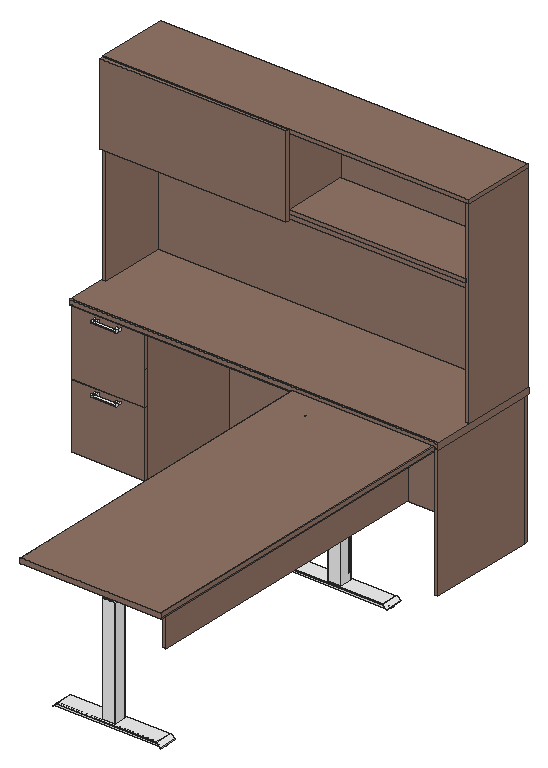
Revit family "JSI-Vision-Typical_Veneer-VST012-", category Furniture, Revit 2020
Family settings
  OmniClass Number = 23.40.20.00
  OmniClass Title = General Furniture and Specialties
  Work Plane-Based = No
  Always vertical = Yes
  Cut with Voids When Loaded = No
  Shared = No
  Room Calculation Point = No
Parameters (values of type "VST012")
  URL = "www.jsifurniture.com"
  Type Comments = "Typical Laminate"  # constant formula
  Model = "VST012"
  Manufacturer = "JSI"  # constant formula
  Keynote = "12500"
  Default Elevation = 0"
  Assembly Code = "E2020200"
Reference planes (in)
  plane 1 "Center Front/Back": y = 0
  plane 2: z = 0
  plane 3 "Center Left/Right": x = 0
Dimensions and locks (in)
  aligned and locked: level to plane 2
  aligned and locked: nested 1 to nested 2
Nested families (in)
  nested 1: "JSI-Vision-File_File_Credenza" at (36.06413, -10.75, 0), type "VSV2478LC - Veneer 24 x 78 FF Ped Credenza Left"
    with Width 78", Panel R 23 3/4", Panel L 23 1/16", Height 29.187", Panel B 62 1/4", Depth chassis 24", Depth 24"
  nested 2: "JSI-Vision-Overhead_Cabinets-Sliding_Door" at (0, 0, -0.8125), type "VSV1678SD, Veneer OH Cab. 16" x 78", Sld Doors"
    with Verticall Partition Distance 39", Unit Centre 39", Width 78", Right Vertical Partition no, Right Sliding Door no, Door Space 0"
  nested 3: "JSI-Vision-Adjustable_Table_Standard_Range" at (78, -25.20768, 0) x (0, -1, 0) z (0, 0, 1), type "VSV3072AHTD-S - Adjustable Height Table Standard Range 72"W x 30"D x 30"H"
  nested 4: "JSI-Vision-Adjustable_Bridge_Modesty" at (75.75401, -29.20766, 0) x (0, -1, 0) z (0, 0, 1), type "VSV0964TDM - Modesty for Adjustable Bridge 64"W x 3/4"D x 9"H"
    with Width 64"
Definition of nested family "JSI-Vision-File_File_Credenza"
  Parameters (values of type "Type Catalog")
    Worksurface = none
    Width = 60"
    URL = "www.jsifurniture.com"
    Type Comments = ""
    Tag = "FF"  # constant formula
    Series = "Vision Casegoods"  # constant formula
    Pull Finish = none
    Panel R = if(LR, Depth - 1/4", Depth - 15/16")  # 19 3/4"
    Panel L = if(LR, Depth - 15/16", Depth - 1/4")  # 19 1/16"
    Panel FF = if(LR, 15", Width - 15 3/4")  # 15"
    Model = "Type Catalog"
    Material = ""
    Manufacturer = "JSI"  # constant formula
    LR = yes
    Keynote = "12500"
    JSI Enviromental Website = "http://www.jsifurniture.com/jsi_sustainability_intro.php"
    Height = 29 3/16"
    Grommet angle = if(LR, 90.00°, 270.00°)  # 90.00°
    Grommet Finish = none
    Panel B = if(LR, Width - 15 3/4", 15")  # 44 1/4"
    Grommet = if(LR, 14 1/2", Width - 15 49/128")  # 14 1/2"
    Drawer Front = none
    Description = "Type Catalog"
    Depth chassis = Depth  # 20"
    Depth = 20"
    Default Elevation = 0"
    Chassis = none
    FF = if(LR, 3/16", Width - 15 3/4" + 1/16")  # 3/16"
    Assembly Code = "E2020200"
  Reference planes (in)
    plane 1: z = 0
    plane 2 "Center (Left/Right)": x = -36.06413
    plane 3: z = 29.1875
    plane 4: z = 28
    plane 5: y = -9.25
    plane 6 "Center (Front/Back)": y = 10.75
    plane 7: y = 10.625
    plane 8: y = 10.75
    plane 9: x = -6.06413
    plane 10: x = 23.93587
    plane 11: y = 10.56003
    plane 12: x = -20.31413
    plane 13: x = 8.18587
    plane 14: y = -8.37
    plane 15: x = 15.93587
    plane 16: x = -28.12663
    plane 17: x = 23.81086
    plane 18: x = -35.93913
    plane 19: y = 8.875
    plane 20: y = 4.875
    plane 21: y = 9.8125
    plane 22: y = -8.31113
    plane 23: x = 8.18587
    plane 24: x = -35.87663
    plane 25: x = -20.37636
    plane 26: x = 23.68487
    plane 27: x = -21.56413
    plane 28: y = 6.875
    plane 29: y = -9
    plane 30: y = -8.3125
  Forms (in)
    Extrusion 1, solid, material <- "Worksurface"
      sketch origin (0, 0, -0.8125) x (1, 0, 0) y (0, 1, 0)
        loop
          line (-36.06413, -9.125) -> (23.93587, -9.125) -> (23.93587, 10.625) -> (-36.06413, 10.625) -> (-36.06413, -9.125)
      from 28.8125 to 30
    Extrusion 2, solid, material <- "Drawer Front"
      sketch origin (-0.00163, 0.13, 0) x (1, 0, 0) y (0, 0, 1)
        loop
          line (-35.875, 27.875) -> (-35.875, 21.26593) -> (-35.875, 14.062) -> (-20.37473, 14.062) -> (-20.37473, 21.26593) -> (-20.37473, 27.875) -> (-35.875, 27.875)
        loop
          line (-35.875, 13.937) -> (-35.875, 0.14) -> (-20.37473, 0.14) -> (-20.37473, 13.937) -> (-35.875, 13.937)
      from 8.5 to 9.25
    Extrusion 3, solid, material <- "Chassis"
      sketch origin (-0.06413, 0, 0) x (0, 1, 0) y (0, 0, 1)
        loop
          line (-8.3125, 28) -> (-8.3125, 0) -> (9.81003, 0) -> (9.81003, 28) -> (-8.3125, 28)
      from -35.875 to -35.125
    Extrusion 4, solid, material <- "Chassis"
      sketch origin (-0.06413, 0.034, 0) x (1, 0, 0) y (0, 0, 1)
        loop
          line (-35.125, 1.9375) -> (-35.125, 0) -> (-21, 0) -> (-21, 1.9375) -> (-35.125, 1.9375)
      from 7.59513 to 8.34513
    Extrusion 5, solid, material <- "Chassis"
      sketch origin (-0.06029, 0, 0) x (0, 1, 0) y (0, 0, -1)
        loop
          line (-9, -28) -> (9.8125, -28) -> (9.8125, 0) -> (-9, 0) -> (-9, -28)
      from -23.87116 to -23.12116
    Sweep 6, solid, material <- "Worksurface"
      path in 3D
        loop
          line (-36.06413, -9.125, 29.1875) -> (23.93587, -9.125, 29.1875)
      profile origin (-6.06413, -9.125, 29.1875) x (0, 1, 0) y (0, 0, 1)
        loop
          arc (0, 0) -> (-0.08839, -0.03661) -> (-0.125, -0.125) r 0.125
          line (-0.125, -0.125) -> (-0.125, -1.0625)
          arc (-0.125, -1.0625) -> (-0.08839, -1.15089) -> (0, -1.1875) r 0.125
          line (0, -1.1875) -> (0, 0)
    Extrusion 7, solid, material <- "Chassis"
      sketch origin (-0.06413, 28.15516, 0) x (1, 0, 0) y (0, 0, 1)
        loop
          line (-35.875, 28) -> (-35.875, 0) -> (-20.25, 0) -> (-20.25, 28) -> (-35.875, 28)
      from 17.59513 to 18.34266
    Extrusion 8, solid, material <- "Chassis"
      sketch origin (57.45899, 0, 0) x (0, 1, 0) y (0, 0, -1)
        loop
          line (-8.31113, -28) -> (9.8125, -28) -> (9.8125, 0) -> (-8.31113, 0) -> (-8.31113, -28)
      from 77.77312 to 78.52312
    Extrusion 9, solid, material <- "Chassis"
      sketch origin (-0.06413, 28.15516, 0) x (-1, 0, 0) y (0, 0, -1)
        loop
          line (-23.875, -28) -> (-8.25, -28) -> (-8.25, 0) -> (-23.875, 0) -> (-23.875, -28)
      from 17.59513 to 18.34266
    Sweep 10, solid, material <- "Worksurface"
      path in 3D
        loop
          line (23.93587, 10.625, 29.1875) -> (-36.06413, 10.625, 29.1875)
      profile origin (-6.06413, 10.625, 29.1875) x (0, -1, 0) y (0, 0, 1)
        loop
          arc (0, 0) -> (-0.08839, -0.03661) -> (-0.125, -0.125) r 0.125
          line (-0.125, -0.125) -> (-0.125, -1.0625)
          arc (-0.125, -1.0625) -> (-0.08839, -1.15089) -> (0, -1.1875) r 0.125
          line (0, -1.1875) -> (0, 0)
    Extrusion 11, solid, material <- "Chassis"
      sketch origin (0, 0, 0) x (1, 0, 0) y (0, 0, 1)
        loop
          line (8.93587, 2.5) -> (8.93587, 1.75) -> (23.06086, 1.75) -> (23.06086, 2.5) -> (8.93587, 2.5)
      from -9.8125 to -7.9375
    Extrusion 12, solid, material <- "Chassis"
      sketch origin (0, 0, 0) x (0, 1, 0) y (0, 0, 1)
        loop
          line (9.8125, 28) -> (5.875, 28) -> (5.875, 0) -> (9.8125, 0) -> (9.8125, 28)
      from 8.18587 to 8.93587
    Extrusion 13, solid, material <- "Chassis"
      sketch origin (-12.12827, 0, 0) x (-1, 0, 0) y (0, 0, -1)
        loop
          line (8.93587, -2.5) -> (23.06086, -2.5) -> (23.06086, -1.75) -> (8.93587, -1.75) -> (8.93587, -2.5)
      from -9.8125 to -7.9375
    Extrusion 14, solid, material <- "Chassis"
      sketch origin (0, 0.03248, 0) x (1, 0, 0) y (0, 0, 1)
        loop
          line (-6.49921, 28) -> (-20.31413, 28) -> (-20.31413, 0) -> (8.18587, 0) -> (8.18587, 28) -> (-6.49921, 28)
      from -9.78002 to -9.03002
  Cuts and joins
    joined: Extrusion 1, Sweep 6, Sweep 10
  Lines and regions (in)
    sketch lines
      curve 1: line (-36.06413, -9.125, 29.1875) -> (23.93587, -9.125, 29.1875)
      curve 10: line (23.93587, 10.625, 29.1875) -> (-36.06413, 10.625, 29.1875)
    symbolic lines
      curve 2: line (23.93587, -9.25, 0) -> (-36.06413, -9.25, 0)
      curve 3: line (23.93587, -9.25, 0) -> (23.93587, 10.75, 0)
      curve 4: line (-36.06413, 10.75, 0) -> (-36.06413, -9.25, 0)
      curve 5: line (-20.31413, 10.56003, 0) -> (-35.93913, 10.56003, 0)
      curve 6: line (-20.37636, -8.37, 0) -> (-35.87663, -8.37, 0)
      curve 7: line (-20.37636, -9.12, 0) -> (-20.37636, -8.37, 0)
      curve 8: line (-35.87663, -9.12, 0) -> (-20.37636, -9.12, 0)
      curve 9: line (-35.87663, -8.37, 0) -> (-35.87663, -9.12, 0)
      curve 11: line (-36.06413, 10.75, 0) -> (23.93587, 10.75, 0)
      curve 12: line (-20.31413, -8.31113, 0) -> (-20.31413, 9.8125, 0)
      curve 13: line (-21.06413, -8.31113, 0) -> (-20.31413, -8.31113, 0)
      curve 14: line (23.81086, 10.56003, 0) -> (8.18587, 10.56003, 0)
      curve 15: line (8.18587, 10.56003, 0) -> (8.18587, 9.8125, 0)
      curve 16: line (8.18587, 9.8125, 0) -> (8.18587, 5.875, 0)
      curve 17: line (8.18587, 5.875, 0) -> (8.93587, 5.875, 0)
      curve 18: line (8.93587, 5.875, 0) -> (8.93587, 9.8125, 0)
      curve 19: line (-35.93913, -8.3125, 0) -> (-35.18913, -8.3125, 0)
      curve 20: line (-35.18913, -8.3125, 0) -> (-35.18913, 9.8125, 0)
      curve 21: line (-35.93913, 10.56003, 0) -> (-35.93913, -8.3125, 0)
      curve 22: line (23.06086, 9.8125, 0) -> (23.06086, -9, 0)
      curve 23: line (23.81086, -9, 0) -> (23.81086, 10.56003, 0)
      curve 24: line (23.06086, -9, 0) -> (23.81086, -9, 0)
      curve 25: line (-20.31413, 9.8125, 0) -> (-20.31413, 10.56003, 0)
      curve 26: line (-21.06413, 9.8125, 0) -> (-21.06413, -8.31113, 0)
      curve 27: line (23.81086, 9.8125, 0) -> (-35.93913, 9.8125, 0)
  Dimensions and locks (in)
    "Height": plane 3 to level
    locked: plane 3 to plane 4 at 1.1875
    "Depth": plane 6 "Center (Front/Back)" to plane 5
    locked: plane 7 to plane 6 "Center (Front/Back)" at 0.125
    equal spacing: plane 2 "Center (Left/Right)", plane 9, plane 10
    "Width": plane 2 "Center (Left/Right)" to plane 10
    locked: plane 8 to plane 11 at 0.18997
    "Depth chassis": plane 8 to plane 5
    locked: plane 2 "Center (Left/Right)" to plane 12 at 15.75
    locked: plane 13 to plane 10 at 15.75
    locked: Extrusion 4 to plane 14 at 0.80887
    locked: plane 14 to plane 5 at 0.88
    locked: plane 17 to plane 10 at 0.125
    locked: Extrusion 5 to Extrusion 5 at 0.75
    locked: Extrusion 3 to Extrusion 3 at 0.75
    locked: plane 19 to plane 20 at 4
    plane 22 to plane 5 = 0.93887"
    locked: plane 8 to plane 21 at 0.9375
    "Panel B": plane 2 "Center (Left/Right)" to plane 23
    locked: plane 23 to plane 15 at 7.75
    "FF": plane 2 "Center (Left/Right)" to plane 24
    locked: Extrusion 4 to Extrusion 4 at 0.75
    locked: plane 24 to plane 16 at 7.75
    locked: Extrusion 2 to Extrusion 2 at 0.75
    plane 8 to plane 20 = 5 7/8"
    Extrusion 7 to Extrusion 7 = 0.74753"
    Extrusion 8 to Extrusion 8 = 3/4"
    Extrusion 9 to Extrusion 9 = 0.74753"
    locked: plane 24 to plane 25 at 15.50027
    locked: plane 23 to plane 26 at 15.499
    plane 24 to Extrusion 4 to Extrusion 4 = 11/16" locked, 14 1/8" locked
    "Panel FF": plane 2 "Center (Left/Right)" to Extrusion 8
    locked: Extrusion 8 to Extrusion 8 at 0.75
    "Grommet": plane 2 "Center (Left/Right)" to plane 27
    equal spacing: plane 19, plane 28, plane 20
    "Panel B": plane 2 "Center (Left/Right)" to Extrusion 12
    locked: Extrusion 12 to Extrusion 12 at 3.9375
    locked: Extrusion 12 to Extrusion 12 at 0.75
    locked: Extrusion 11 to Extrusion 11 at 14.125
    locked: Extrusion 13 to Extrusion 13 at 14.125  (x2)
    locked: Extrusion 14 to Extrusion 14 at 0.75
    "Panel R": plane 29 to plane 6 "Center (Front/Back)"
    "Panel L": plane 8 to plane 30
    Extrusion 2 sketch curve to Extrusion 2 sketch curve to Extrusion 2 sketch curve to plane 1 = 1/8", 13.797", 0.14" locked
    locked: plane 4 to Extrusion 2 sketch curve at 0.125
    locked: nested 1 to plane 1 at 13.18529
    locked: plane 4 to nested 2 at 0.875
    locked: plane 3 to plane 1 at 29.1875
    aligned and locked: level to plane 1
    aligned and locked: Extrusion 3 to Extrusion 4
    aligned and locked: plane 17 to Extrusion 5
    aligned and locked: Extrusion 3 to plane 18
    aligned and locked: Extrusion 4 to plane 22
    aligned and locked: Extrusion 4 to level
    aligned and locked: nested 2 to plane 16
    aligned and locked: nested 1 to plane 16
    aligned and locked: Extrusion 7 to plane 12
    aligned and locked: plane 4 to Extrusion 7
    aligned and locked: Extrusion 7 to plane 18
    aligned and locked: plane 18 to Extrusion 3
    aligned and locked: plane 11 to Extrusion 7
    aligned and locked: plane 22 to Extrusion 4
    aligned and locked: Extrusion 8 to plane 22
    aligned and locked: Extrusion 9 to plane 13
    aligned and locked: plane 17 to Extrusion 9
    aligned and locked: Extrusion 5 to plane 17
    aligned and locked: curve 5 to Extrusion 7
    aligned and locked: Extrusion 1 to plane 7
    aligned and locked: plane 11 to Extrusion 9
    aligned and locked: curve 3 to cut or joined group of Extrusion 1, Sweep 6, Sweep 10
    aligned and locked: curve 12 to Extrusion 8
    aligned and locked: curve 13 to Extrusion 8
    aligned and locked: plane 21 to Extrusion 9
    aligned and locked: plane 21 to Extrusion 12
    aligned and locked: plane 21 to Extrusion 11
    aligned and locked: Extrusion 11 to Extrusion 5
    aligned and locked: Extrusion 13 to Extrusion 3
    aligned and locked: curve 14 to Extrusion 9
    aligned and locked: curve 15 to Extrusion 9
    aligned and locked: Extrusion 12 to curve 16
    aligned and locked: curve 17 to Extrusion 12
    aligned and locked: curve 18 to Extrusion 12
    aligned and locked: Extrusion 3 to plane 30
    aligned and locked: curve 19 to Extrusion 3
    aligned and locked: curve 20 to Extrusion 3
    aligned and locked: curve 21 to Extrusion 3
    aligned and locked: Extrusion 5 to plane 29
    aligned and locked: curve 22 to Extrusion 5
    aligned and locked: curve 23 to Extrusion 5
    aligned and locked: curve 24 to Extrusion 5
    aligned and locked: curve 25 to Extrusion 7
    aligned and locked: plane 21 to Extrusion 8
    aligned and locked: plane 21 to Extrusion 5
    aligned and locked: Extrusion 7 to plane 21
    aligned and locked: curve 26 to Extrusion 8
    aligned and locked: nested 3 to plane 16
    aligned and locked: nested 3 to plane 5
    aligned and locked: curve 27 to Extrusion 14
    aligned and locked: plane 14 to Extrusion 2
    aligned and locked: Extrusion 2 to plane 14
    aligned and locked: Extrusion 2 to nested 1
    aligned and locked: Extrusion 2 to nested 2
  Automatic sketch dimensions
    Extrusion 1 sketch curve to plane 2 "Center (Left/Right)" = 0"
    Extrusion 1 sketch curve to plane 10 = 0"
    plane 7 to Extrusion 1 sketch curve = 0"
    plane 5 to Extrusion 1 sketch curve = 1/8"
    Extrusion 2 sketch curve to plane 24 = 0"  (x2)
    Extrusion 2 sketch curve to plane 25 = 0"  (x2)
    Extrusion 2 sketch curve to plane 4 = 6.73407"  (x2)
    Extrusion 3 sketch curve to plane 4 = 0"
    Extrusion 3 sketch curve to plane 22 = 0.00137"
    Extrusion 3 sketch curve to level = 0"
    Extrusion 3 sketch curve to plane 21 = 0.00247"
    Extrusion 4 sketch curve to level = 0"
    plane 27 to Extrusion 4 sketch curve = 13 5/8"
    Extrusion 4 sketch curve to plane 25 = 0.68777"
    level to Extrusion 4 sketch curve = 1 15/16"
    Extrusion 5 sketch curve to plane 4 = 0"
    Extrusion 5 sketch curve to plane 22 = 0.68887"
    Extrusion 5 sketch curve to level = 0"
    Extrusion 5 sketch curve to plane 21 = 0"
    Sweep 6 sketch curve to profile plane = 0"  (x2)
    profile plane to Sweep 6 sketch curve = 1/8"
    Sweep 6 sketch curve to Sweep 6 sketch curve = 15/16"
    Extrusion 7 sketch curve to level = 0"
    plane 18 to Extrusion 7 sketch curve = 0"
    plane 12 to Extrusion 7 sketch curve = 0"
    Extrusion 7 sketch curve to plane 4 = 0"
    Extrusion 8 sketch curve to plane 22 = 0"
    Extrusion 8 sketch curve to level = 0"
    Extrusion 8 sketch curve to plane 21 = 0"
    Extrusion 9 sketch curve to level = 0"
    Extrusion 9 sketch curve to plane 17 = 0"
    Extrusion 9 sketch curve to plane 13 = 0"
    Extrusion 9 sketch curve to plane 4 = 0"
    Sweep 10 sketch curve to profile plane = 0"  (x2)
    profile plane to Sweep 10 sketch curve = 1/8"
    Sweep 10 sketch curve to Sweep 10 sketch curve = 15/16"
    Extrusion 11 sketch curve to plane 27 = 30 1/2"
    plane 25 to Extrusion 11 sketch curve = 43.43723"
    level to Extrusion 11 sketch curve = 1 3/4"
    Extrusion 11 sketch curve to Extrusion 11 sketch curve = 3/4"
    Extrusion 12 sketch curve to level = 0"
    Extrusion 12 sketch curve to plane 21 = 0"
    Extrusion 12 sketch curve to plane 28 = 1"
    plane 4 to Extrusion 12 sketch curve = 0"
    Extrusion 13 sketch curve to plane 23 = 29 1/4"
    Extrusion 13 sketch curve to plane 18 = 3/4"
    level to Extrusion 13 sketch curve = 2 1/2"
    Extrusion 13 sketch curve to Extrusion 13 sketch curve = 3/4"
    Extrusion 14 sketch curve to level = 0"
    Extrusion 14 sketch curve to plane 4 = 0"
    Extrusion 14 sketch curve to plane 13 = 0"
    plane 9 to Extrusion 14 sketch curve = 0.43507"
    plane 12 to Extrusion 14 sketch curve = 0"
    curve 2 to plane 2 "Center (Left/Right)" = 0"
    curve 27 to plane 18 = 0"
    curve 9 to plane 14 = 0"
    curve 9 to plane 24 = 0"
    curve 20 to plane 30 = 0"
    curve 26 to plane 22 = 0"
    curve 7 to plane 25 = 0"
    curve 5 to plane 11 = 0"
    curve 5 to plane 12 = 0"
    curve 16 to plane 23 = 0"
    curve 15 to plane 11 = 0"
    curve 15 to plane 13 = 0"
    curve 24 to plane 29 = 0"
    curve 24 to plane 17 = 0"
    curve 2 to plane 5 = 0"
    plane 6 "Center (Front/Back)" to curve 11 = 0"
    plane 24 to curve 20 = 11/16"
    curve 26 to plane 27 = 1/2"
    plane 12 to curve 13 = 0"
    plane 13 to curve 17 = 3/4"
    curve 24 to plane 26 = 0.624"
    curve 8 to plane 29 = 0.12"
    curve 17 to plane 28 = 1"
    curve 25 to plane 21 = 0"
    Extrusion 8 sketch curve to plane 4 = 0"
  Nested families (in)
    nested 1: "Bar Pull" at (-28.12663, -9.12, 13.18529), Pull Finish <- "Pull Finish", type "PL"
      with Pull Finish none
    nested 2: "Bar Pull" at (-28.12663, -9.12, 27.125), Pull Finish <- "Pull Finish", type "PL"
      with Pull Finish none
    nested 3: "Label 1-16-FF" at (-28.12663, -9.25, 0), type "DRWCFG"
  Definition of nested family "Bar Pull"
    Parameters
      Pull Finish [instance] = none
      Default Elevation = 0"
    Reference planes (in)
      plane 1 "Center Front/Back": y = 0
      plane 2: z = 0
      plane 3 "Center Left/Right": x = 0
      plane 4: x = -2.68731
      plane 5: x = -1.88731
      plane 6: x = 2.68731
      plane 7: x = 1.88731
      plane 8: y = -1
      plane 9: y = -0.85202
    Forms (in)
      Extrusion 1, solid, material <- "Pull Finish"
        sketch origin (0, 0, 0) x (0, 1, 0) y (0, 0, 1)
          loop
            line (0, -0.2015) -> (0, 0.2015) -> (-0.85202, 0.2015)
            arc (-0.85202, 0.2015) -> (-0.75, 0) -> (-0.85202, -0.2015) r 0.25
            line (-0.85202, -0.2015) -> (0, -0.2015)
        from 1.88731 to 2.68731
      Extrusion 2, solid, material <- "Pull Finish"
        sketch origin (0, 0, 0) x (0, 1, 0) y (0, 0, 1)
          loop
            circle (-1, 0) r 0.25
        from -2.68731 to 2.68731
      Extrusion 3, solid, material <- "Pull Finish"
        sketch origin (0, 0, 0) x (0, 1, 0) y (0, 0, -1)
          loop
            line (0, 0.2015) -> (-0.85202, 0.2015)
            arc (-0.85202, 0.2015) -> (-0.75, 0) -> (-0.85202, -0.2015) r 0.25
            line (-0.85202, -0.2015) -> (0, -0.2015) -> (0, 0.2015)
        from 1.88731 to 2.68731
    Dimensions and locks (in)
      plane 4 to plane 5 to plane 3 "Center Left/Right" to plane 7 to plane 6 = 0.8" locked, 1.88731" locked, 1.88731" locked, 0.8" locked
      plane 8 to plane 9 to plane 1 "Center Front/Back" = 0.14798" locked, 0.85202" locked
      aligned and locked: level to plane 2
      aligned and locked: plane 4 to Extrusion 3
      aligned and locked: Extrusion 3 to plane 5
      aligned and locked: plane 4 to Extrusion 2
      aligned and locked: Extrusion 1 to plane 7
      aligned and locked: plane 6 to Extrusion 1
      aligned and locked: plane 6 to Extrusion 2
      aligned and locked: plane 8 to Extrusion 2 sketch curve
      aligned and locked: Extrusion 3 to plane 1 "Center Front/Back"
      aligned and locked: Extrusion 1 to plane 1 "Center Front/Back"
      aligned and locked: plane 5 to Extrusion 3
      aligned and locked: Extrusion 3 to plane 4
      aligned and locked: Extrusion 2 to plane 4
      aligned and locked: plane 7 to Extrusion 1
      aligned and locked: Extrusion 1 to plane 6
      aligned and locked: Extrusion 2 to plane 6
  Definition of nested family "Label 1-16-FF"
    Parameters
      Width = 1"
      Model Name = "FF"
    Reference planes (in)
      plane 1: y = 0
      plane 2: x = 0
    Text (in)
      label "XX" at (0.00051, -0.12324, 0), shows "Model Name"
Definition of nested family "JSI-Vision-Overhead_Cabinets-Sliding_Door"
  Parameters (values of type "Overhead Cab. Sliding Doors - Type Catalog Family")
    Verticall Partition Distance = if(Width > 84", ((Width - 1/2") / 3), (Width / 2))  # 29.83333"
    Unit Centre = Width / 2  # 45"
    Top = none
    Width = 90"
    URL = "www.jsifurniture.com"
    Type Comments = ""
    Tag = "1 Door - 1 Shelf - 1 Door"
    Series = "Vision Casegoods"  # constant formula
    Right Vertical Partition = yes
    Right Sliding Door = yes
    Overhead Height = 26 1/2"
    OH Elevation = 30"
    Model = "Type Catalog"
    Material = ""
    Manufacturer = "JSI"  # constant formula
    Left Vertical Partition = yes
    Keynote = "12500"  # constant formula
    JSI Enviromental Website = "http://www.jsifurniture.com/jsi_sustainability_intro.php"
    Height = 42"
    Grommet Finish = none
    Gromett Height = OH Elevation + 24 5/8"  # 54 5/8"
    Door Space = if(Width > 84", 1/16", 0")  # 1/16"
    Door Front = none
    Description = "Type Catalog"
    Depth = 16"
    Default Elevation = 0"
    Chassis = none
    Assembly Code = "E2020200"
  Reference planes (in)
    plane 1 "Center Front/Back": y = 0
    plane 2: z = 0
    plane 3 "Center Left/Right": x = 0
    plane 4: z = 0
    plane 5: y = -0.125
    plane 6: x = 90
    plane 7: x = 0.125
    plane 8: x = 89.875
    plane 9: y = -15.5625
    plane 10: y = -16
    plane 11: z = 72.5
    plane 12: z = 72
    plane 13: x = 0.875
    plane 14: x = 89.125
    plane 15: y = -0.875
    plane 16: y = -0.9375
    plane 17: y = -1.6875
    plane 18: z = 71.75
    plane 19: z = 56.5
    plane 20: z = 57.25
    plane 21: z = 55
    plane 22: y = -14.8125
    plane 23: y = -14.0625
    plane 24: x = 0.25
    plane 25: x = 89.75
    plane 26: z = 72.4375
    plane 27: z = 55.1875
    plane 28: y = -15.625
    plane 29: y = -16.375
    plane 30: x = 18.0625
    plane 31: x = 18.1875
    plane 32: x = 18.125
    plane 33: x = 45
    plane 34: x = 30.08333
    plane 35: x = 59.91667
    plane 36: x = 29.70833
    plane 37: x = 30.45833
    plane 38: x = 59.54167
    plane 39: x = 60.29167
    plane 40 "Not a Reference": x = 6.875
    plane 41: x = 83.125
    plane 42: x = 30.39583
    plane 43: x = 59.60417
    plane 44: z = 30
  Forms (in)
    Extrusion 1, solid, material <- "Chassis"
      sketch origin (0, 0, 0) x (1, 0, 0) y (0, 1, 0)
        loop
          line (0.125, -0.125) -> (0.125, -15.5625) -> (0.875, -15.5625) -> (0.875, -0.125) -> (0.125, -0.125)
      from 30 to 71.75
    Extrusion 2, solid, material <- "Chassis"
      sketch origin (0, 0, 0) x (1, 0, 0) y (0, 1, 0)
        loop
          line (89.875, -0.125) -> (89.125, -0.125) -> (89.125, -15.5625) -> (89.875, -15.5625) -> (89.875, -0.125)
      from 30 to 71.75
    Extrusion 3, solid, material <- "Door Front"
      sketch origin (0, 0, 0) x (1, 0, 0) y (0, 0, 1)
        loop
          line (0.125, 72.5) -> (0.125, 71.75) -> (89.875, 71.75) -> (89.875, 72.5) -> (0.125, 72.5)
      from 0.125 to 15.5625
    Extrusion 4, solid, material <- "Chassis"
      sketch origin (0, 0, 0) x (1, 0, 0) y (0, 0, 1)
        loop
          line (0.875, 57.25) -> (0.875, 56.5) -> (89.125, 56.5) -> (89.125, 57.25) -> (0.875, 57.25)
      from 1.6875 to 15.5625
    Extrusion 5, solid, material <- "Chassis"
      sketch origin (0, 0, 0) x (1, 0, 0) y (0, 1, 0)
        loop
          line (0.875, -14.0625) -> (0.875, -14.8125) -> (89.125, -14.8125) -> (89.125, -14.0625) -> (0.875, -14.0625)
      from 55 to 56.5
    Extrusion 6, solid, material <- "Door Front"
      sketch origin (0, 0.0625, 0) x (1, 0, 0) y (0, 1, 0)
        loop
          line (0.25, -15.6875) -> (0.25, -16.4375) -> (30.39583, -16.4375) -> (30.39583, -15.6875) -> (0.25, -15.6875)
      from 55.1875 to 72.4375
    Extrusion 7, solid, material <- "Chassis", visible <- "Left Vertical Partition"
      sketch origin (0, 0, 0) x (1, 0, 0) y (0, 1, 0)
        loop
          line (29.70833, -1.6875) -> (29.70833, -15.5625) -> (30.45833, -15.5625) -> (30.45833, -1.6875) -> (29.70833, -1.6875)
      from 57.25 to 71.75
    Extrusion 8, solid, material <- "Chassis", visible <- "Right Vertical Partition"
      sketch origin (0, 0, 0) x (1, 0, 0) y (0, 1, 0)
        loop
          line (59.54167, -1.6875) -> (59.54167, -15.5625) -> (60.29167, -15.5625) -> (60.29167, -1.6875) -> (59.54167, -1.6875)
      from 57.25 to 71.75
    Extrusion 9, solid, material <- "Chassis"
      sketch origin (130.61992, -0.9375, 48) x (1, 0, 0) y (0, 0, 1)
        loop
          line (-129.74492, 23.75) -> (-129.74492, -18) -> (-41.49492, -18) -> (-41.49492, 23.75) -> (-129.74492, 23.75)
        loop
          circle (-114.11949, 7.90454) r 0.33717
        loop
          circle (-57.12036, 7.90454) r 0.33717
      from 0 to 0.75
    Extrusion 10, solid, material <- "Door Front", visible <- "Right Sliding Door"
      sketch origin (0, 0, 0) x (1, 0, 0) y (0, 1, 0)
        loop
          line (59.60417, -15.625) -> (59.60417, -16.375) -> (89.75, -16.375) -> (89.75, -15.625) -> (59.60417, -15.625)
      from 55.1875 to 72.4375
  Lines and regions (in)
    symbolic lines
      curve 1: line (0.125, -0.125, 0) -> (0.125, -15.5625, 0)
      curve 2: line (89.875, -0.125, 0) -> (0.125, -0.125, 0)
      curve 3: line (0.125, -15.5625, 0) -> (89.875, -15.5625, 0)
      curve 4: line (89.875, -15.5625, 0) -> (89.875, -0.125, 0)
      curve 5: line (0.25, -15.625, 0) -> (30.39583, -15.625, 0)
      curve 6: line (0.25, -16.375, 0) -> (0.25, -15.625, 0)
      curve 7: line (30.39583, -16.375, 0) -> (0.25, -16.375, 0)
      curve 8: line (30.39583, -15.625, 0) -> (30.39583, -16.375, 0)
    symbolic lines, visible <- "Right Sliding Door"
      curve 9: line (59.60417, -16.375, 0) -> (89.75, -16.375, 0)
      curve 10: line (59.60417, -15.625, 0) -> (59.60417, -16.375, 0)
      curve 11: line (89.75, -15.625, 0) -> (59.60417, -15.625, 0)
      curve 12: line (89.75, -16.375, 0) -> (89.75, -15.625, 0)
  Dimensions and locks (in)
    plane 3 "Center Left/Right" to plane 7 to plane 24 = 1/8" locked, 1/8" locked
    plane 25 to plane 8 to plane 6 = 1/8" locked, 1/8" locked
    locked: plane 5 to plane 1 "Center Front/Back" at 0.125
    plane 10 to plane 9 to plane 22 to plane 23 = 7/16" locked, 3/4" locked, 3/4" locked
    "Width": plane 3 "Center Left/Right" to plane 6
    "Depth": plane 10 to plane 1 "Center Front/Back"
    locked: plane 11 to plane 12 at 0.5
    locked: plane 7 to plane 13 at 0.75
    locked: plane 14 to plane 8 at 0.75
    locked: plane 15 to plane 5 at 0.75
    plane 17 to plane 16 to plane 5 = 3/4" locked, 13/16" locked
    locked: plane 11 to plane 18 at 0.75
    plane 20 to plane 19 to plane 21 = 3/4" locked, 1 1/2" locked
    plane 18 to plane 20 = 14 1/2"
    locked: plane 11 to plane 26 at 0.0625
    locked: plane 27 to plane 21 at 0.1875
    plane 29 to plane 28 to plane 9 = 3/4" locked, 1/16" locked
    plane 30 to plane 32 to plane 31 = 1/16" locked, 1/16" locked
    "Verticall Partition Distance": plane 24 to plane 34
    plane 36 to plane 34 to plane 37 = 3/8" locked, 3/8" locked
    plane 38 to plane 35 to plane 39 = 3/8" locked, 3/8" locked
    "Verticall Partition Distance": plane 35 to plane 25
    "Unit Centre": plane 3 "Center Left/Right" to plane 33
    locked: plane 13 to plane 40 "Not a Reference" at 6
    locked: plane 41 to plane 14 at 6
    "Door Space": plane 42 to plane 37
    "Door Space": plane 38 to plane 43
    "OH Elevation": plane 44 to plane 4
    "Height": plane 12 to plane 44
    "Overhead Height": plane 19 to plane 44
    locked: Extrusion 9 sketch curve to Extrusion 9 sketch curve at 15.62543  (x2)
    locked: Extrusion 9 sketch curve to Extrusion 9 sketch curve at 15.84546  (x2)
    aligned and locked: level to plane 2
    aligned and locked: plane 5 to Extrusion 1 sketch curve
    aligned and locked: plane 7 to Extrusion 1 sketch curve
    aligned and locked: Extrusion 1 sketch curve to plane 13
    aligned and locked: Extrusion 2 sketch curve to plane 5
    aligned and locked: plane 8 to Extrusion 2 sketch curve
    aligned and locked: Extrusion 2 sketch curve to plane 14
    aligned and locked: Extrusion 3 sketch curve to plane 11
    aligned and locked: plane 7 to Extrusion 3 sketch curve
    aligned and locked: Extrusion 3 to plane 5
    aligned and locked: plane 9 to Extrusion 1
    aligned and locked: plane 9 to Extrusion 2
    aligned and locked: plane 9 to Extrusion 3
    aligned and locked: Extrusion 4 sketch curve to plane 20
    aligned and locked: plane 13 to Extrusion 4 sketch curve
    aligned and locked: plane 19 to Extrusion 4 sketch curve
    aligned and locked: Extrusion 4 sketch curve to plane 14
    aligned and locked: Extrusion 4 to plane 17
    aligned and locked: plane 9 to Extrusion 4
    aligned and locked: plane 23 to Extrusion 5 sketch curve
    aligned and locked: plane 13 to Extrusion 5 sketch curve
    aligned and locked: Extrusion 5 sketch curve to plane 22
    aligned and locked: Extrusion 5 sketch curve to plane 14
    aligned and locked: plane 19 to Extrusion 5
    aligned and locked: Extrusion 5 to plane 21
    aligned and locked: plane 26 to Extrusion 6
    aligned and locked: Extrusion 6 to plane 27
    aligned and locked: Extrusion 6 to plane 24
    aligned and locked: plane 17 to Extrusion 7 sketch curve
    aligned and locked: plane 36 to Extrusion 7 sketch curve
    aligned and locked: Extrusion 7 sketch curve to plane 9
    aligned and locked: Extrusion 7 sketch curve to plane 37
    aligned and locked: plane 17 to Extrusion 8 sketch curve
    aligned and locked: plane 38 to Extrusion 8 sketch curve
    aligned and locked: Extrusion 8 sketch curve to plane 9
    aligned and locked: Extrusion 8 sketch curve to plane 39
    aligned and locked: plane 18 to Extrusion 7
    aligned and locked: Extrusion 7 to plane 20
    aligned and locked: plane 18 to Extrusion 8
    aligned and locked: Extrusion 8 to plane 20
    aligned and locked: Extrusion 1 to Extrusion 9 sketch curve
    aligned and locked: Extrusion 9 sketch curve to Extrusion 1
    aligned and locked: Extrusion 2 to Extrusion 9 sketch curve
    aligned and locked: Extrusion 9 to plane 16
    aligned and locked: plane 17 to Extrusion 9
    aligned and locked: Extrusion 6 to plane 28
    aligned and locked: plane 24 to Extrusion 6 sketch curve
    aligned and locked: plane 28 to Extrusion 6 sketch curve
    aligned and locked: Extrusion 6 sketch curve to plane 29
    aligned and locked: Extrusion 6 sketch curve to plane 42
    aligned and locked: plane 28 to Extrusion 10 sketch curve
    aligned and locked: plane 43 to Extrusion 10 sketch curve
    aligned and locked: Extrusion 10 sketch curve to plane 29
    aligned and locked: Extrusion 10 sketch curve to plane 25
    aligned and locked: plane 26 to Extrusion 10
    aligned and locked: Extrusion 10 to plane 27
    aligned and locked: plane 33 to nested 1
    aligned and locked: plane 29 to nested 1
    aligned and locked: plane 18 to Extrusion 1
    aligned and locked: plane 18 to Extrusion 2
    aligned and locked: curve 1 to Extrusion 3
    aligned and locked: curve 2 to Extrusion 3
    aligned and locked: curve 3 to Extrusion 3
    aligned and locked: curve 4 to Extrusion 3
    aligned and locked: Extrusion 1 to plane 44
    aligned and locked: Extrusion 2 to plane 44
    aligned and locked: plane 44 to Extrusion 9 sketch curve
    aligned and locked: curve 5 to Extrusion 6
    aligned and locked: curve 6 to Extrusion 6
    aligned and locked: curve 7 to Extrusion 6
    aligned and locked: curve 8 to Extrusion 6
    aligned and locked: curve 9 to Extrusion 10
    aligned and locked: curve 10 to Extrusion 10
    aligned and locked: curve 11 to Extrusion 10
    aligned and locked: curve 12 to Extrusion 10
  Automatic sketch dimensions
    Extrusion 1 sketch curve to plane 10 = 7/16"
    Extrusion 3 sketch curve to plane 8 = 0"
    Extrusion 3 sketch curve to plane 18 = 0"
    plane 9 to Extrusion 2 sketch curve = 0"
    radius of Extrusion 9 sketch curve = 0.33717"  (x2)
  Nested families (in)
    nested 1: "Label 1-16 OH" at (45, -16.375, 0), type "OH DOORS"
  Definition of nested family "Label 1-16 OH"
    Parameters
      Width = 1"
      Model Name = "2 Doors"
    Reference planes (in)
      plane 1: y = 0
      plane 2: x = 0
    Text (in)
      label "XX" at (0.00051, -0.12324, 0), shows "Model Name"
Definition of nested family "JSI-Vision-Adjustable_Table_Standard_Range"
  Parameters (values of type "VST3048AHTD-S - Adjustable Height Table Standard Range 48"W x 30"D x 30"H")
    Width = 48"
    Upper Leg Finish = none
    URL = "www.jsifurniture.com"
    Type Comments = ""
    Top Finish = none
    Support Finish = none
    Series = "Vision Casegoods"  # constant formula
    Low Leg Finish = none
    Model = "VST3048AHTD-S"
    Material = ""
    Manufacturer = "JSI"  # constant formula
    Keynote = "12500"  # constant formula
    JSI Enviromental Website = "http://www.jsifurniture.com/jsi_sustainability_intro.php"
    Height = 29 3/16"
    Glide Finish = none
    Feet Finish = none
    Description = "Adjustable Height Table Desk Standard Range Laminate - 30”H x 30”D x 48”W"
    Depth = 30"
    Default Elevation = 0"
    Assembly Code = "E2020200"
    Adj Post Finish = none
  Types (6): name | Width | Model | Description
    VST3072AHTD-S - Adjustable Height Table Standard Range 72"W x 30"D x 30"H | 72" | "VST3072AHTD-S" | "Adjustable Height Table Desk Standard Range Laminate - 30”H x 30”D x 72”W"
    VSV3072AHTD-S - Adjustable Height Table Standard Range 72"W x 30"D x 30"H | 72" | "VSV3072AHTD-S" | "Adjustable Height Table Desk Standard Range Veneer - 30”H x 30”D x 72”W"
    VST3060AHTD-S - Adjustable Height Table Standard Range 60"W x 30"D x 30"H | 60" | "VST3060AHTD-S" | "Adjustable Height Table Desk Standard Range Laminate - 30”H x 30”D x 60”W"
    VSV3060AHTD-S - Adjustable Height Table Standard Range 60"W x 30"D x 30"H | 60" | "VSV3060AHTD-S" | "Adjustable Height Table Desk Standard Range Veneer - 30”H x 30”D x 60”W"
    VST3048AHTD-S - Adjustable Height Table Standard Range 48"W x 30"D x 30"H | 48" | "VST3048AHTD-S" | "Adjustable Height Table Desk Standard Range Laminate - 30”H x 30”D x 48”W"
    VSV3048AHTD-S - Adjustable Height Table Standard Range 48"W x 30"D x 30"H | 48" | "VSV3048AHTD-S" | "Adjustable Height Table Desk Standard Range Veneer - 30”H x 30”D x 48”W"
  Reference planes (in)
    plane 1 "Center Front/Back": y = 0
    plane 2: z = 0
    plane 3 "Center Left/Right": x = 0
    plane 4: z = 29.1875
    plane 5: z = 28
    plane 6: x = 48
    plane 7: y = -30
    plane 8: y = -15
  Forms (in)
    Extrusion 1, solid, material <- "Top Finish"
      sketch origin (0, 0, 0) x (0, 1, 0) y (0, 0, 1)
        loop
          arc (-29.88189, 29.1875) -> (-29.96256, 29.15006) -> (-30, 29.06939) r 0.12937
          line (-30, 29.06939) -> (-30, 28.11811)
          arc (-30, 28.11811) -> (-29.96256, 28.03744) -> (-29.88189, 28) r 0.12937
          line (-29.88189, 28) -> (-29.72106, 28) -> (-0.27894, 28) -> (-0.11811, 28)
          arc (-0.11811, 28) -> (-0.03744, 28.03744) -> (0, 28.11811) r 0.12937
          line (0, 28.11811) -> (0, 29.06939)
          arc (0, 29.06939) -> (-0.03744, 29.15006) -> (-0.11811, 29.1875) r 0.12937
          line (-0.11811, 29.1875) -> (-29.88189, 29.1875)
      from 0 to 48
  Lines and regions (in)
    symbolic lines
      curve 1: line (0, 0, 0) -> (48, 0, 0)
      curve 2: line (0, -30, 0) -> (0, 0, 0)
      curve 3: line (48, -30, 0) -> (0, -30, 0)
      curve 4: line (48, 0, 0) -> (48, -30, 0)
  Dimensions and locks (in)
    "Height": plane 4 to level
    locked: plane 4 to plane 5 at 1.1875
    "Width": plane 3 "Center Left/Right" to plane 6
    "Depth": plane 1 "Center Front/Back" to plane 7
    equal spacing: plane 1 "Center Front/Back", plane 8, plane 7
    aligned and locked: level to plane 2
    aligned and locked: plane 3 "Center Left/Right" to nested 1
    aligned and locked: nested 1 to plane 8
    aligned and locked: plane 4 to Extrusion 1 sketch curve
    aligned and locked: Extrusion 1 sketch curve to plane 5
    aligned and locked: Extrusion 1 sketch curve to plane 1 "Center Front/Back"
    aligned and locked: Extrusion 1 sketch curve to plane 7
    aligned and locked: Extrusion 1 to plane 3 "Center Left/Right"
    aligned and locked: Extrusion 1 to plane 6
    aligned and locked: plane 7 to curve 3
    aligned and locked: plane 1 "Center Front/Back" to curve 1
    aligned and locked: plane 3 "Center Left/Right" to curve 2
    aligned and locked: plane 6 to curve 4
  Automatic sketch dimensions
    plane 7 to Extrusion 1 sketch curve = 0.11811"  (x2)
    Extrusion 1 sketch curve to plane 5 = 0"  (x2)
    plane 7 to Extrusion 1 sketch curve = 33/256"  (x2)
    Extrusion 1 sketch curve to Extrusion 1 sketch curve = 0.16082"
    plane 1 "Center Front/Back" to Extrusion 1 sketch curve = 0.27894"
    plane 1 "Center Front/Back" to Extrusion 1 sketch curve = 33/256"  (x2)
    plane 1 "Center Front/Back" to Extrusion 1 sketch curve = 0.11811"  (x2)
    plane 5 to Extrusion 1 sketch curve = 0.11811"  (x2)
    Extrusion 1 sketch curve to plane 4 = 33/256"  (x2)
  Nested families (in)
    nested 1: "Adj Base" at (0, -15, 0), Height <- "Height", W Top <- "Width", Adj Post Finish <- "Adj Post Finish", Feet Finish <- "Feet Finish", Glide Finish <- "Glide Finish", Low Leg Finish <- "Low Leg Finish", Support Finish <- "Support Finish", Upper Leg Finish <- "Upper Leg Finish", type "Adj Base"
      with W Top 48", Upper Leg Finish none, Support Finish none, Low Leg Finish none, Height 29 3/16", Glide Finish none, Feet Finish none, Adj Post Finish none
  Definition of nested family "Adj Base"
    Parameters (values of type "Adj Base")
      W Top [instance] = 72"
      Upper Leg Finish [instance] = none
      Support Finish [instance] = none
      Low Leg Finish [instance] = none
      Height [instance] = 29 1/2"
      Glide Finish [instance] = none
      Feet Finish [instance] = none
      Default Elevation = 0"
      Adj Post Finish [instance] = none
    Reference planes (in)
      plane 1 "Center (Front/Back)": y = 0
      plane 2: z = 0
      plane 3 "Center (Left/Right)": x = 0
      plane 4: z = 29.5
      plane 5: x = 72
      plane 6: z = 28.3125
      plane 7: x = 6.09647
      plane 8: x = 65.90353
    Forms (in)
      Extrusion 1, solid, material <- "Support Finish"
        sketch origin (1.67343, 0, 0) x (-1, 0, 0) y (0, 0, 1)
          loop
            line (-2.26388, 26.15894) -> (-2.26388, 28.00935) -> (-10.9253, 28.00935) -> (-10.9253, 27.73435) -> (-10.3632, 27.73435) -> (-9.86301, 26.15894) -> (-2.26388, 26.15894)
          loop
            line (-66.38926, 26.15894) -> (-58.79012, 26.15894) -> (-58.28994, 27.73435) -> (-57.72784, 27.73435) -> (-57.72784, 28.00935) -> (-66.38926, 28.00935) -> (-66.38926, 26.15894)
        from -1.89028 to 1.90897
      Extrusion 2, solid, material <- "Support Finish"
        sketch origin (8.68126, 0, 0) x (0, 1, 0) y (0, 0, 1)
          loop
            arc (2.60827, 26.81644) -> (2.67785, 26.84526) -> (2.70667, 26.91484) r 0.0984
            line (2.70667, 26.91484) -> (2.70667, 28.09931)
            arc (2.70667, 28.09931) -> (2.67882, 28.16654) -> (2.61158, 28.19439) r 0.09508
            line (2.61158, 28.19439) -> (2.01307, 28.19439)
            arc (2.01307, 28.19439) -> (1.94678, 28.16693) -> (1.91932, 28.10064) r 0.09375
            line (1.91932, 28.10064) -> (1.91932, 26.91484)
            arc (1.91932, 26.91484) -> (1.94814, 26.84526) -> (2.01772, 26.81644) r 0.0984
            line (2.01772, 26.81644) -> (2.60827, 26.81644)
          loop
            line (-2.60827, 26.81644) -> (-2.01772, 26.81644)
            arc (-2.01772, 26.81644) -> (-1.94814, 26.84526) -> (-1.91932, 26.91484) r 0.0984
            line (-1.91932, 26.91484) -> (-1.91932, 28.10064)
            arc (-1.91932, 28.10064) -> (-1.94678, 28.16693) -> (-2.01307, 28.19439) r 0.09375
            line (-2.01307, 28.19439) -> (-2.61158, 28.19439)
            arc (-2.61158, 28.19439) -> (-2.67882, 28.16654) -> (-2.70667, 28.09931) r 0.09508
            line (-2.70667, 28.09931) -> (-2.70667, 26.91484)
            arc (-2.70667, 26.91484) -> (-2.67785, 26.84526) -> (-2.60827, 26.81644) r 0.0984
        from -5.06315 to 15.07466
      Extrusion 3, solid, material <- "Support Finish"
        sketch origin (1.70596, 0, 0) x (0, 1, 0) y (0, 0, 1)
          loop
            arc (2.50984, 27.32825) -> (2.59335, 27.36284) -> (2.62794, 27.44635) r 0.1181
            line (2.62794, 27.44635) -> (2.62794, 27.99755)
            arc (2.62794, 27.99755) -> (2.59335, 28.08106) -> (2.50984, 28.11565) r 0.1181
            line (2.50984, 28.11565) -> (2.15551, 28.11565)
            arc (2.15551, 28.11565) -> (2.072, 28.08106) -> (2.03741, 27.99755) r 0.1181
            line (2.03741, 27.99755) -> (2.03741, 27.44635)
            arc (2.03741, 27.44635) -> (2.072, 27.36284) -> (2.15551, 27.32825) r 0.1181
            line (2.15551, 27.32825) -> (2.50984, 27.32825)
          loop
            arc (-2.15551, 27.32825) -> (-2.072, 27.36284) -> (-2.03741, 27.44635) r 0.1181
            line (-2.03741, 27.44635) -> (-2.03741, 27.99755)
            arc (-2.03741, 27.99755) -> (-2.072, 28.08106) -> (-2.15551, 28.11565) r 0.1181
            line (-2.15551, 28.11565) -> (-2.50984, 28.11565)
            arc (-2.50984, 28.11565) -> (-2.59335, 28.08106) -> (-2.62794, 27.99755) r 0.1181
            line (-2.62794, 27.99755) -> (-2.62794, 27.44635)
            arc (-2.62794, 27.44635) -> (-2.59335, 27.36284) -> (-2.50984, 27.32825) r 0.1181
            line (-2.50984, 27.32825) -> (-2.15551, 27.32825)
        from 16.18381 to 52.40428
      Extrusion 4, solid, material <- "Feet Finish"
        sketch origin (3.34686, 0, 0) x (0, 1, 0) y (0, 0, 1)
          loop
            line (10.52318, 1.16069) -> (-10.52318, 1.16069)
            arc (-10.52318, 1.16069) -> (-10.60868, 1.14561) -> (-10.68388, 1.1022) r 0.25
            line (-10.68388, 1.1022) -> (-11.48879, 0.4268) -> (-11.40022, 0.32124) -> (-10.59879, 0.99371)
            arc (-10.59879, 0.99371) -> (-10.56128, 1.01537) -> (-10.51862, 1.02289) r 0.12472
            line (-10.51862, 1.02289) -> (10.51852, 1.02289)
            arc (10.51852, 1.02289) -> (10.56128, 1.01536) -> (10.59887, 0.99365) r 0.125
            line (10.59887, 0.99365) -> (11.40022, 0.32124) -> (11.48879, 0.4268) -> (10.68388, 1.1022)
            arc (10.68388, 1.1022) -> (10.60869, 1.14561) -> (10.52318, 1.16069) r 0.25
        from 0.93859 to 4.56063
      Extrusion 5, solid, material <- "Feet Finish"
        sketch origin (3.34686, 0, 0) x (0, 1, 0) y (0, 0, 1)
          loop
            line (-11.14173, 0.39297) -> (11.14173, 0.39297) -> (11.14173, 0.53813) -> (10.59887, 0.99365)
            arc (10.59887, 0.99365) -> (10.56128, 1.01535) -> (10.51852, 1.02289) r 0.125
            line (10.51852, 1.02289) -> (-10.51862, 1.02289)
            arc (-10.51862, 1.02289) -> (-10.56128, 1.01537) -> (-10.59879, 0.99371) r 0.12472
            line (-10.59879, 0.99371) -> (-11.14173, 0.53813) -> (-11.14173, 0.39297)
        from 1.19449 to 4.30473
      Extrusion 6, solid, material <- "Feet Finish"
        sketch origin (12.34686, 0, 0) x (0, 1, 0) y (0, 0, 1)
          loop
            line (10.52318, 1.16069) -> (-10.52318, 1.16069)
            arc (-10.52318, 1.16069) -> (-10.60868, 1.14561) -> (-10.68388, 1.1022) r 0.25
            line (-10.68388, 1.1022) -> (-11.48879, 0.4268) -> (-11.40022, 0.32124) -> (-10.59879, 0.99371)
            arc (-10.59879, 0.99371) -> (-10.56128, 1.01537) -> (-10.51862, 1.02289) r 0.12472
            line (-10.51862, 1.02289) -> (10.51852, 1.02289)
            arc (10.51852, 1.02289) -> (10.56128, 1.01536) -> (10.59887, 0.99365) r 0.125
            line (10.59887, 0.99365) -> (11.40022, 0.32124) -> (11.48879, 0.4268) -> (10.68388, 1.1022)
            arc (10.68388, 1.1022) -> (10.60869, 1.14561) -> (10.52318, 1.16069) r 0.25
        from 51.74564 to 55.473
      Extrusion 7, solid, material <- "Low Leg Finish"
        sketch origin (0, 0, 0) x (1, 0, 0) y (0, 1, 0)
          loop
            line (4.73819, 1.25984) -> (4.73819, -1.25984)
            arc (4.73819, -1.25984) -> (4.76702, -1.32944) -> (4.83661, -1.35827) r 0.09843
            line (4.83661, -1.35827) -> (7.3563, -1.35827)
            arc (7.3563, -1.35827) -> (7.4259, -1.32944) -> (7.45472, -1.25984) r 0.09843
            line (7.45472, -1.25984) -> (7.45472, 1.25984)
            arc (7.45472, 1.25984) -> (7.4259, 1.32944) -> (7.3563, 1.35827) r 0.09843
            line (7.3563, 1.35827) -> (4.83661, 1.35827)
            arc (4.83661, 1.35827) -> (4.76702, 1.32944) -> (4.73819, 1.25984) r 0.09843
          loop
            arc (67.26181, 1.25984) -> (67.23298, 1.32944) -> (67.16339, 1.35827) r 0.09843
            line (67.16339, 1.35827) -> (64.6437, 1.35827)
            arc (64.6437, 1.35827) -> (64.5741, 1.32944) -> (64.54528, 1.25984) r 0.09843
            line (64.54528, 1.25984) -> (64.54528, -1.25984)
            arc (64.54528, -1.25984) -> (64.5741, -1.32944) -> (64.6437, -1.35827) r 0.09843
            line (64.6437, -1.35827) -> (67.16339, -1.35827)
            arc (67.16339, -1.35827) -> (67.23298, -1.32944) -> (67.26181, -1.25984) r 0.09843
            line (67.26181, -1.25984) -> (67.26181, 1.25984)
        from 1.16069 to 24.23031
      Extrusion 8, solid, material <- "Upper Leg Finish"
        sketch origin (0, 0, 0) x (1, 0, 0) y (0, 1, 0)
          loop
            line (7.16929, 1.17126) -> (5.02362, 1.17126)
            arc (5.02362, 1.17126) -> (4.95402, 1.14243) -> (4.9252, 1.07283) r 0.09843
            line (4.9252, 1.07283) -> (4.9252, -1.07283)
            arc (4.9252, -1.07283) -> (4.95402, -1.14243) -> (5.02362, -1.17126) r 0.09843
            line (5.02362, -1.17126) -> (7.16929, -1.17126)
            arc (7.16929, -1.17126) -> (7.23889, -1.14243) -> (7.26772, -1.07283) r 0.09843
            line (7.26772, -1.07283) -> (7.26772, 1.07283)
            arc (7.26772, 1.07283) -> (7.23889, 1.14243) -> (7.16929, 1.17126) r 0.09843
          loop
            arc (64.83071, 1.17126) -> (64.76111, 1.14243) -> (64.73228, 1.07283) r 0.09843
            line (64.73228, 1.07283) -> (64.73228, -1.07283)
            arc (64.73228, -1.07283) -> (64.76111, -1.14243) -> (64.83071, -1.17126) r 0.09843
            line (64.83071, -1.17126) -> (67.04524, -1.17126)
            arc (67.04524, -1.17126) -> (67.09765, -1.14955) -> (67.11936, -1.09714) r 0.07412
            line (67.11936, -1.09714) -> (67.11936, 1.02828)
            arc (67.11936, 1.02828) -> (67.07748, 1.12938) -> (66.97638, 1.17126) r 0.14298
            line (66.97638, 1.17126) -> (64.83071, 1.17126)
        from 2.77313 to 26.15894
      Extrusion 9, solid, material <- "Support Finish"
        sketch origin (0, 0, 0) x (1, 0, 0) y (0, 0, 1)
          loop
            line (3.5, 26.14715) -> (3.61811, 26.14715) -> (3.61811, 28.15745)
            arc (3.61811, 28.15745) -> (3.62893, 28.18357) -> (3.65505, 28.19439) r 0.03694
            line (3.65505, 28.19439) -> (5.0748, 28.19439) -> (5.0748, 28.3125) -> (3.65534, 28.3125)
            arc (3.65534, 28.3125) -> (3.5455, 28.267) -> (3.5, 28.15716) r 0.15534
            line (3.5, 28.15716) -> (3.5, 26.14715)
          loop
            line (68.5, 26.14715) -> (68.5, 28.15716)
            arc (68.5, 28.15716) -> (68.4545, 28.267) -> (68.34466, 28.3125) r 0.15534
            line (68.34466, 28.3125) -> (66.9252, 28.3125) -> (66.9252, 28.19439) -> (68.34495, 28.19439)
            arc (68.34495, 28.19439) -> (68.37107, 28.18357) -> (68.38189, 28.15745) r 0.03694
            line (68.38189, 28.15745) -> (68.38189, 26.14715) -> (68.5, 26.14715)
        from -10.14567 to 10.14567
      Extrusion 10, void
        sketch origin (0, 0, 0) x (0, 1, 0) y (0, 0, 1)
          loop
            line (-9.64567, 28.65728) -> (-10.14567, 28.65728) -> (-10.14567, 25.65728) -> (10.14567, 25.65728) -> (10.14567, 28.65728) -> (9.64567, 28.65728) -> (9.64567, 27.93724)
            arc (9.64567, 27.93724) -> (9.53149, 27.61921) -> (9.2411, 27.44643) r 0.5
            line (9.2411, 27.44643) -> (2.76152, 26.18651)
            arc (2.76152, 26.18651) -> (2.61903, 26.16585) -> (2.47521, 26.15894) r 1.5
            line (2.47521, 26.15894) -> (-2.47521, 26.15894)
            arc (-2.47521, 26.15894) -> (-2.61903, 26.16585) -> (-2.76152, 26.18651) r 1.5
            line (-2.76152, 26.18651) -> (-9.2411, 27.44643)
            arc (-9.2411, 27.44643) -> (-9.53149, 27.61921) -> (-9.64567, 27.93724) r 0.5
            line (-9.64567, 27.93724) -> (-9.64567, 28.65728)
        from 1.99619 to 70.00235
      Extrusion 11, solid, material <- "Support Finish"
        sketch origin (60.8427, 0, 0) x (0, 1, 0) y (0, 0, -1)
          loop
            line (-2.01772, -26.81644) -> (-2.61292, -26.81644)
            arc (-2.61292, -26.81644) -> (-2.67921, -26.8439) -> (-2.70667, -26.91019) r 0.09375
            line (-2.70667, -26.91019) -> (-2.70667, -28.10064)
            arc (-2.70667, -28.10064) -> (-2.67921, -28.16693) -> (-2.61292, -28.19439) r 0.09375
            line (-2.61292, -28.19439) -> (-2.0144, -28.19439)
            arc (-2.0144, -28.19439) -> (-1.94717, -28.16654) -> (-1.91932, -28.09931) r 0.09508
            line (-1.91932, -28.09931) -> (-1.91932, -26.91484)
            arc (-1.91932, -26.91484) -> (-1.94814, -26.84526) -> (-2.01772, -26.81644) r 0.0984
          loop
            line (2.60827, -26.81644) -> (2.0132, -26.81644)
            arc (2.0132, -26.81644) -> (1.94682, -26.84394) -> (1.91932, -26.91032) r 0.09389
            line (1.91932, -26.91032) -> (1.91932, -28.09931)
            arc (1.91932, -28.09931) -> (1.94717, -28.16654) -> (2.0144, -28.19439) r 0.09508
            line (2.0144, -28.19439) -> (2.61292, -28.19439)
            arc (2.61292, -28.19439) -> (2.67921, -28.16693) -> (2.70667, -28.10064) r 0.09375
            line (2.70667, -28.10064) -> (2.70667, -26.91484)
            arc (2.70667, -26.91484) -> (2.67785, -26.84526) -> (2.60827, -26.81644) r 0.0984
        from -7.53919 to 12.59862
      Revolve 12, solid, material <- "Glide Finish"
        sketch origin (0, -10.27559, 0) x (1, 0, 0) y (0, 0, 1)
          loop
            line (6.09647, 0.94489) -> (5.93882, 0.94489) -> (5.93882, 0.39297) -> (5.30863, 0.39297) -> (5.11222, 0.19657) -> (5.11222, 0) -> (6.09647, 0) -> (6.09647, 0.94489)
          axis (6.09647, 0.94489) -> (6.09647, 0)
        angle from 0 to 360
      Revolve 13, solid, material <- "Glide Finish"
        sketch origin (0, 10.27547, 0) x (1, 0, 0) y (0, 0, 1)
          loop
            line (6.09647, 0.94489) -> (5.93882, 0.94489) -> (5.93882, 0.39297) -> (5.30863, 0.39297) -> (5.11222, 0.19657) -> (5.11222, 0) -> (6.09647, 0) -> (6.09647, 0.94489)
          axis (6.09647, 0.94489) -> (6.09647, 0)
        angle from 0 to 360
      Revolve 14, solid, material <- "Glide Finish"
        sketch origin (59.80705, -10.27559, 0) x (1, 0, 0) y (0, 0, 1)
          loop
            line (6.09647, 0.94489) -> (5.93882, 0.94489) -> (5.93882, 0.39297) -> (5.30863, 0.39297) -> (5.11222, 0.19657) -> (5.11222, 0) -> (6.09647, 0) -> (6.09647, 0.94489)
          axis (6.09647, 0.94489) -> (6.09647, 0)
        angle from 0 to 360
      Revolve 15, solid, material <- "Glide Finish"
        sketch origin (59.80705, 10.27547, 0) x (1, 0, 0) y (0, 0, 1)
          loop
            line (6.09647, 0.94489) -> (5.93882, 0.94489) -> (5.93882, 0.39297) -> (5.30863, 0.39297) -> (5.11222, 0.19657) -> (5.11222, 0) -> (6.09647, 0) -> (6.09647, 0.94489)
          axis (6.09647, 0.94489) -> (6.09647, 0)
        angle from 0 to 360
      Extrusion 16, solid, material <- "Feet Finish"
        sketch origin (63.15392, 0, 0) x (0, 1, 0) y (0, 0, 1)
          loop
            line (-11.14173, 0.39297) -> (11.14173, 0.39297) -> (11.14173, 0.53813) -> (10.59887, 0.99365)
            arc (10.59887, 0.99365) -> (10.56128, 1.01535) -> (10.51852, 1.02289) r 0.125
            line (10.51852, 1.02289) -> (-10.51862, 1.02289)
            arc (-10.51862, 1.02289) -> (-10.56128, 1.01537) -> (-10.59879, 0.99371) r 0.12472
            line (-10.59879, 0.99371) -> (-11.14173, 0.53813) -> (-11.14173, 0.39297)
        from 1.19449 to 4.30473
    Cuts and joins
      Extrusion 10 cuts Extrusion 9
    Lines and regions (in)
      symbolic lines
        curve 1: line (7.9075, 11.48879, 0) -> (4.28545, 11.48879, 0)
        curve 2: line (7.9075, -11.48879, 0) -> (7.9075, 11.48879, 0)
        curve 3: line (4.28545, -11.48879, 0) -> (7.9075, -11.48879, 0)
        curve 4: line (4.28545, 11.48879, 0) -> (4.28545, 9.64567, 0)
        curve 5: line (67.81987, 11.48879, 0) -> (64.0925, 11.48879, 0)
        curve 6: line (67.81987, 9.64567, 0) -> (67.81987, 11.48879, 0)
        curve 7: line (64.0925, -11.48879, 0) -> (67.81987, -11.48879, 0)
        curve 8: line (64.0925, 11.48879, 0) -> (64.0925, -11.48879, 0)
        curve 9: line (3.5, 9.64567, 0) -> (5.0748, 9.64567, 0)
        curve 10: line (3.5, -9.64567, 0) -> (3.5, 9.64567, 0)
        curve 11: line (5.0748, -9.64567, 0) -> (3.5, -9.64567, 0)
        curve 12: line (5.0748, 9.64567, 0) -> (5.0748, -9.64567, 0)
        curve 13: line (68.5, 9.64567, 0) -> (66.9252, 9.64567, 0)
        curve 14: line (68.5, -9.64567, 0) -> (68.5, 9.64567, 0)
        curve 15: line (66.9252, -9.64567, 0) -> (68.5, -9.64567, 0)
        curve 16: line (66.9252, 9.64567, 0) -> (66.9252, -9.64567, 0)
        curve 17: line (66.9252, 2.70667, 0) -> (48.24408, 2.70667, 0)
        curve 18: line (48.24408, 2.70667, 0) -> (48.24408, 1.91932, 0)
        curve 19: line (48.24408, 1.91932, 0) -> (66.9252, 1.91932, 0)
        curve 20: line (66.9252, -1.92113, 0) -> (48.24408, -1.91932, 0)
        curve 21: line (48.24408, -1.91932, 0) -> (48.24408, -2.70667, 0)
        curve 22: line (48.24408, -2.70667, 0) -> (66.9252, -2.70667, 0)
        curve 23: line (23.75592, 2.70667, 0) -> (23.75592, 1.91932, 0)
        curve 24: line (23.75592, 1.91932, 0) -> (5.0748, 1.91932, 0)
        curve 25: line (23.75592, 2.70667, 0) -> (5.0748, 2.70667, 0)
        curve 26: line (23.75592, -1.91932, 0) -> (5.0748, -1.91932, 0)
        curve 27: line (23.75592, -2.70667, 0) -> (5.0748, -2.70667, 0)
        curve 28: line (23.75592, -1.91932, 0) -> (23.75592, -2.70667, 0)
        curve 29: line (4.28545, -11.48879, 0) -> (4.28545, -9.64567, 0)
        curve 30: line (67.81987, -11.48879, 0) -> (67.81987, -9.64567, 0)
        curve 31: line (23.75592, 2.62798, 0) -> (48.24408, 2.62798, 0)
        curve 32: line (23.75592, 2.03782, 0) -> (48.24408, 2.03782, 0)
        curve 33: line (23.75592, -2.03689, 0) -> (48.24408, -2.03689, 0)
        curve 34: line (23.75592, -2.6279, 0) -> (48.24408, -2.6279, 0)
    Dimensions and locks (in)
      "Height": plane 2 to plane 4
      Extrusion 1 sketch curve to Extrusion 1 sketch curve to Extrusion 1 sketch curve to plane 4 = 1.57541" locked, 0.275", 1.49065"
      Extrusion 4 sketch curve to Extrusion 4 sketch curve to Extrusion 4 sketch curve to Extrusion 4 sketch curve to plane 1 "Center (Front/Back)" to Extrusion 4 sketch curve to Extrusion 4 sketch curve to Extrusion 4 sketch curve to Extrusion 4 sketch curve = 0.08857" locked, 0.87704" locked, 0.00456" locked, 10.51862" locked, 10.51852" locked, 0.00466" locked, 0.87704" locked, 0.08857" locked
      plane 2 to Extrusion 4 sketch curve to Extrusion 4 sketch curve to Extrusion 4 sketch curve to Extrusion 4 sketch curve to Extrusion 4 sketch curve to Extrusion 4 sketch curve = 0.32124" locked, 0.10556" locked, 0.4711" locked, 0.0128" locked, 0.1122" locked, 0.1378" locked
      Extrusion 4 to Extrusion 5 to plane 7 to Extrusion 5 to Extrusion 4 to plane 3 "Center (Left/Right)" = 0.25591" locked, 1.55512" locked, 1.55512" locked, 0.25591" locked, 4.28545" locked
      plane 2 to Extrusion 5 sketch curve to Extrusion 5 sketch curve = 0.39297" locked, 0.62992" locked
      Extrusion 5 sketch curve to plane 1 "Center (Front/Back)" to Extrusion 5 sketch curve = 11.14173" locked, 11.14173" locked
      Extrusion 6 sketch curve to Extrusion 6 sketch curve to Extrusion 6 sketch curve to Extrusion 6 sketch curve to Extrusion 6 sketch curve to Extrusion 6 sketch curve to Extrusion 6 sketch curve to Extrusion 6 sketch curve = 0.08857" locked, 0.87704" locked, 0.00456" locked, 21.03715", 0.00466" locked, 0.87704" locked, 0.08857" locked
      Extrusion 6 sketch curve to Extrusion 6 sketch curve to Extrusion 6 sketch curve to Extrusion 6 sketch curve to Extrusion 6 sketch curve to Extrusion 6 sketch curve = 0.10556" locked, 0.4711" locked, 0.0128" locked, 0.1122" locked, 0.1378" locked
      plane 5 to Extrusion 6 to Extrusion 16 to plane 8 to Extrusion 16 to Extrusion 6 = 4.18013" locked, 0.36123" locked, 1.55512" locked, 1.55512" locked, 0.25591" locked
      Extrusion 7 sketch curve to plane 1 "Center (Front/Back)" to Extrusion 7 sketch curve = 1.25984" locked, 1.25984" locked  (x2)
      Extrusion 7 sketch curve to Extrusion 7 sketch curve to plane 3 "Center (Left/Right)" = 2.51969" locked, 4.83661" locked
      Extrusion 7 sketch curve to Extrusion 7 sketch curve to plane 5 = 2.51969" locked, 4.83661" locked
